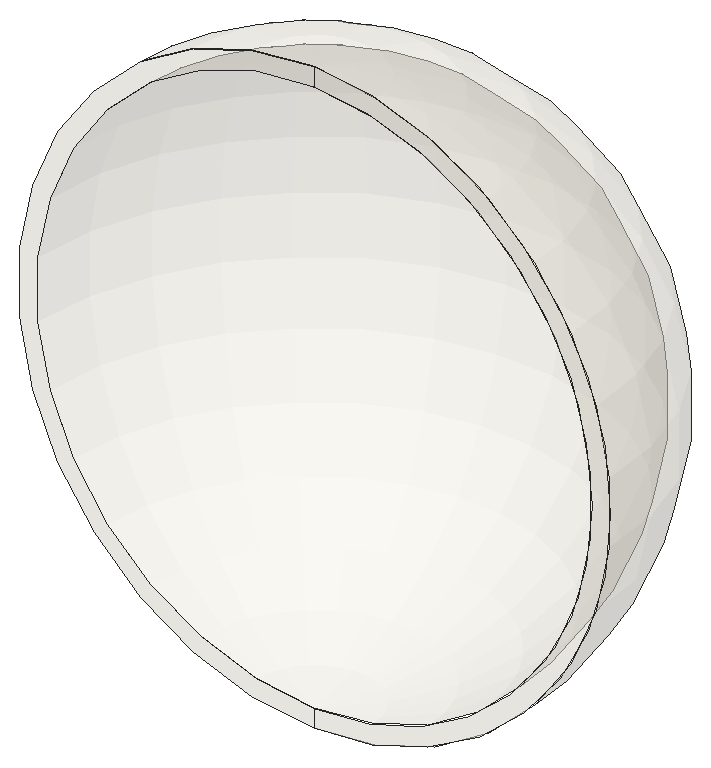
Revit family "M_Luminária de arandela - Esfera", category Luminárias, Revit 2019
Family settings
  Hospedeiro = Parede
  Cota do conector redondo = Utilizar diâmetro
  Tipo de parte = Normal
  Número OmniClass = 23.80.70.11.11
  Título OmniClass = General Luminaries, Non Directional
  ID de item do Seek = Sconce Light - Sphere-0000-CAN-ENU
  Sempre na vertical = Sim
  Corte com vazios quando carregada = Não
  Fonte luminosa = Sim
  Compartilhado = Não
  Ponto de cálculo do ambiente = Não
Parameters (values of type "100W - 277V")
  Wattage = 100 W
  built-in parameter 1150110 = 1 (stored number, unit not read)
  built-in parameter 1114217 = 1 (stored number, unit not read)
  built-in parameter 1150109 = 1 (stored number, unit not read)
  built-in parameter 1150134 = 4
  built-in parameter 1150113 = 1 (stored number, unit not read)
  Raio 1 = Raio - 12.5 mm  # 187.5 mm
  built-in parameter 1150115 = 1 (stored number, unit not read)
  built-in parameter 1150105 = 381.97 (stored number, unit not read)
  Classificação de carga = Iluminação - Unidade de interrupção
  Light Source Symbol Size = 609.6 mm
  built-in parameter 1150137 = 1
  built-in parameter 1150139 = (empty or 0)
  built-in parameter 1150112 = 1 (stored number, unit not read)
  built-in parameter 1150114 = 1 (stored number, unit not read)
  built-in parameter 1150132 = (empty or 0)
  built-in parameter 1150102 = (empty or 0)
  built-in parameter 1150138 = (empty or 0)
  built-in parameter 1150107 = 2800 (stored number, unit not read)
  built-in parameter 1150106 = 3.8197 (stored number, unit not read)
  built-in parameter 1150104 = 1.1148 (stored number, unit not read)
  Dimming Lamp Color Temperature Shift = (empty or 0)
  Color Filter = 16777215
  Voltagem do transformador = 277 V
  Transformador por número de postes = 1
  built-in parameter 1114218 = 1 (stored number, unit not read)
  built-in parameter 1150133 = 10 (stored number, unit not read)
  Código de montagem = "D5020220"
  Lâmpada = "R-30"
  Lumens = 1200 lm
  Altura de montagem = 1900 mm
  Raio = 200 mm
  Material de sombra = Vidro, Jateado
  Wattage Comments = ""
  Carga aparente = 100 VA
Types (4, lengths in mm): name | Wattage | built-in parameter 1150105 | built-in parameter 1150106 | built-in parameter 1150104 | Voltagem do transformador | Lâmpada | Lumens | Carga aparente
  60W - 120V | 60 W | 272.15 (stored number, unit not read) | 2.7215 (stored number, unit not read) | 1.3239 (stored number, unit not read) | 120 V | "A-19" | 855 lm | 60 VA
  60W - 277V | 60 W | 272.15 (stored number, unit not read) | 2.7215 (stored number, unit not read) | 1.3239 (stored number, unit not read) | 277 V | "A-19" | 855 lm | 60 VA
  100W - 120V | 100 W | 381.97 (stored number, unit not read) | 3.8197 (stored number, unit not read) | 1.1148 (stored number, unit not read) | 120 V | "R-30" | 1200 lm | 100 VA
  100W - 277V | 100 W | 381.97 (stored number, unit not read) | 3.8197 (stored number, unit not read) | 1.1148 (stored number, unit not read) | 277 V | "R-30" | 1200 lm | 100 VA
Reference planes
  plane 1: y = 0
  plane 2 "Eixo de origem da luz": x = 0
  plane 3 "Elevação da origem da luz": z = 1900
  plane 4 "Eixo de origem da luz": y = 139.7
  plane 5: y = 76.2
Forms (mm)
  Revolve 1, solid, material "Vidro, Jateado" <- "Material de sombra"
    sketch origin (-1524, 76.2, 0) x (-1, 0, 0) y (0, 0, 1)
      loop
        line (-1524, 2100) -> (-1524, 1700)
        arc (-1524, 1700) -> (-1324, 1900) -> (-1524, 2100) r 200
      axis (-1524, 2100) -> (-1524, 1700)
    angle from 0 to -180
  Revolve 2, void
    sketch origin (0, 76.2, 2100) x (1, 0, 0) y (0, 0, 1)
      loop
        line (0, -387.5) -> (0, -12.5)
        arc (0, -12.5) -> (-187.5, -200) -> (0, -387.5) r 187.5
      axis (0, -12.5) -> (0, -387.5)
    angle from 0 to 360
Cuts and joins
  Revolve 2 cuts Revolve 1
Lines and regions (mm)
  model lines, style "InvisibleLines"
    curve 1: line (0, 76.2, 1709.5) -> (0, 76.2, 0)
Text (mm)
  text "Parte frontal" at (0, 1019.848, 3124.603), in view "Direita"
  text "Parte frontal" at (-1113.488, 723.012, 0), in view "Linha do piso"
  text "Parte frontal" at (0, 1206.291, 3030.104), in view "Esquerda"
Dimensions and locks
  host wall to plane 4 "Eixo de origem da luz" = 63.5 mm
  "Altura de montagem": level to plane 3 "Elevação da origem da luz"
  locked: host wall to plane 4 "Eixo de origem da luz" at 63.5
  "Raio": radius of Revolve 1 sketch curve
  "Raio 1": radius of Revolve 2 sketch curve
  aligned and locked: plane 5 to host wall
  aligned and locked: plane 2 "Eixo de origem da luz" to imposter light
  aligned and locked: imposter light to plane 3 "Elevação da origem da luz"
  aligned and locked: plane 4 "Eixo de origem da luz" to imposter light
  aligned and locked: plane 3 "Elevação da origem da luz" to Revolve 1 sketch curve
  aligned and locked: plane 2 "Eixo de origem da luz" to Revolve 1 sketch curve
  aligned and locked: plane 3 "Elevação da origem da luz" to Revolve 2 sketch curve
  aligned and locked: plane 2 "Eixo de origem da luz" to Revolve 2 sketch curve
Automatic sketch dimensions
  curve 1 to plane 2 "Eixo de origem da luz" = 0 mm
  curve 1 to level = 0 mm
  plane 3 "Elevação da origem da luz" to curve 1 = 190.5 mm
  Revolve 1 sketch curve to plane 2 "Eixo de origem da luz" = 0 mm
  Revolve 1 sketch curve to Revolve 1 sketch curve = 0 mm  (x2)
  Revolve 2 sketch curve to Revolve 1 = 0 mm
  Revolve 2 sketch curve to Revolve 2 sketch curve = 0 mm  (x2)
Connectors
  electrical at (0, 76.2, 1900), driven by "Carga aparente", driven by "Voltagem do transformador", driven by "Transformador por número de postes", driven by "Classificação de carga"
    settings: on cut or joined group of Revolve 1, Revolve 2, index 1, voltage 277 V, apparent load 0 VA, apparent load phase1 100 VA, apparent load phase2 0 VA, apparent load phase3 0 VA, power factor 0.95, load classification "Iluminação - Unidade de interrupção", number of poles 1, system type 31, power factor state 1, is connector primary yes, connector utility no, sub classification motor no, connector description ""
